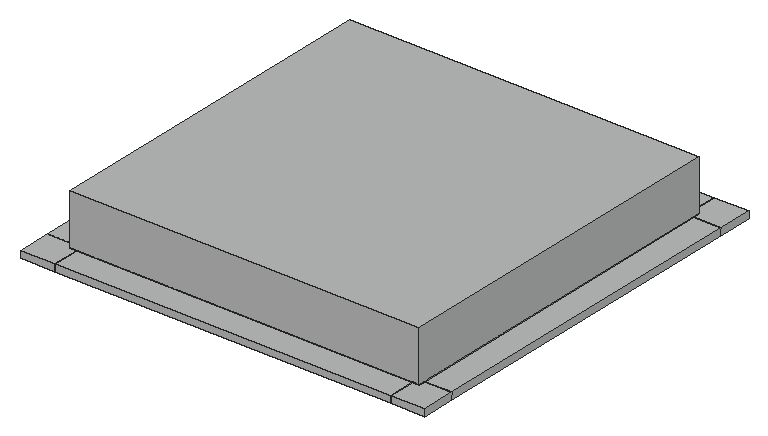
Revit family "ALUMOGIPS", category Осветительные приборы, Revit 2019 (continued)
Types (72, lengths in mm): name | Файл фотометрической сетки | built-in parameter 1150105 | Lumens | built-in parameter 1150106 | built-in parameter 1150142 | Wattage | Emit from Rectangle Width | Emit from Rectangle Length | Длина | Материал светильника | Ширина | ADSK_Ток | ADSK_Полная мощность | ADSK_Обозначение | ADSK_Номинальная мощность | ADSK_Наименование | ADSK_Масса | ADSK_Код изделия
  Alumogips-30/opal-sand 295х595 (IP54, 4000К, серый) c БАП на 3 часа | "Светильник ALUMOGIPS-30 OPAL-SAND-(295x595).IES" | 198.94 (stored number, unit not read) | 2500 lm | 1.9894 (stored number, unit not read) | "IESNA:LM-63-95\r\n[TEST] Протокол №80\r\n[DATA]26.06.2016\r\n[MORE] \r\n[MANUFAC] ЗАО \"Центрстройсвет\"\r\n[LUMCAT]  Светильник ALUMOGIPS-30/OPAL-SAND-(295x595)\r\n[LUMINAIRE]\r\n[LAMPCAT] Светодиоды\r\n[LAMP] Поток источника света (светодиодов) не известен\r\n[MORE] КСС приведена в абсолютных величинах кд\r\n[MORE] Вместо потока лампы, указан поток светильника.\r\nTILT=NONE\r\n1    2420 1.0 37 73 1 2 0.295 0.595 0.04\r\n1.0 1.0 28.9\r\n0.0 5.0 10.0 15.0 20.0 25.0 30.0 35.0 40.0 45.0 50.0 55.0 60.0 65.0 70.0 75.0 80.0 85.0 90.0 95.0 100.0 105.0 110.0 115.0 120.0 125.0 130.0 135.0 140.0 145.0 150.0 155.0 160.0 165.0 170.0 175.0 180.0\r\n0.0 5.0 10.0 15.0 20.0 25.0 30.0 35.0 40.0 45.0 50.0 55.0 60.0 65.0 70.0 75.0 80.0 85.0 90.0 95.0 100.0 105.0 110.0 115.0 120.0 125.0 130.0 135.0 140.0 145.0 150.0 155.0 160.0 165.0 170.0 175.0 180.0 185.0 190.0 195.0 200.0 205.0 210.0 215.0 220.0 225.0 230.0 235.0 240.0 245.0 250.0 255.0 260.0 265.0 270.0 275.0 280.0 285.0 290.0 295.0 300.0 305.0 310.0 315.0 320.0 325.0 330.0 335.0 340.0 345.0 350.0 355.0 360.0\r\n911.1 908.3 889.4 861.2 824.6 779.8 729.1 674.3 613.8 546.0 479.1 412.2 342.1 274.7 206.6 142.5 83.1 30.5 0.2 0.0 0.0 0.0 0.0 0.0 0.0 0.0 0.0 0.0 0.0 0.0 0.0 0.0 0.0 0.0 0.0 0.0 0.0\r\n911.1 908.3 890.4 862.2 826.0 781.2 730.0 673.5 610.8 545.9 478.1 412.0 343.0 274.6 207.5 142.8 83.4 31.1 0.3 0.0 0.0 0.0 0.0 0.0 0.0 0.0 0.0 0.0 0.0 0.0 0.0 0.0 0.0 0.0 0.0 0.0 0.0\r\n911.1 908.5 890.5 862.8 826.3 781.1 729.7 670.6 612.5 548.7 480.3 412.7 344.4 275.2 207.5 143.5 83.8 31.5 0.3 0.0 0.0 0.0 0.0 0.0 0.0 0.0 0.0 0.0 0.0 0.0 0.0 0.0 0.0 0.0 0.0 0.0 0.0\r\n911.1 909.2 889.7 860.5 825.1 782.3 731.0 672.5 613.1 547.3 478.2 411.8 342.9 275.2 208.3 143.7 83.9 31.8 0.3 0.0 0.0 0.0 0.0 0.0 0.0 0.0 0.0 0.0 0.0 0.0 0.0 0.0 0.0 0.0 0.0 0.0 0.0\r\n911.1 909.0 891.0 861.5 825.6 782.4 732.7 675.9 611.0 545.2 481.9 413.1 344.4 276.1 208.3 144.0 84.6 32.0 0.3 0.0 0.0 0.0 0.0 0.0 0.0 0.0 0.0 0.0 0.0 0.0 0.0 0.0 0.0 0.0 0.0 0.0 0.0\r\n911.1 908.9 890.1 863.3 826.9 783.2 729.2 673.9 611.8 547.8 480.9 414.1 343.8 275.8 208.6 144.4 85.0 32.4 0.3 0.0 0.0 0.0 0.0 0.0 0.0 0.0 0.0 0.0 0.0 0.0 0.0 0.0 0.0 0.0 0.0 0.0 0.0\r\n911.1 908.9 890.0 862.2 828.3 782.8 731.1 675.1 614.3 547.6 481.3 413.0 345.8 276.7 208.8 145.0 85.3 32.6 0.4 0.0 0.0 0.0 0.0 0.0 0.0 0.0 0.0 0.0 0.0 0.0 0.0 0.0 0.0 0.0 0.0 0.0 0.0\r\n911.1 908.5 891.5 865.2 825.7 780.8 732.5 674.6 615.0 551.3 482.1 414.1 345.1 277.4 208.6 145.5 85.5 33.2 0.5 0.0 0.0 0.0 0.0 0.0 0.0 0.0 0.0 0.0 0.0 0.0 0.0 0.0 0.0 0.0 0.0 0.0 0.0\r\n911.1 908.2 891.4 865.6 827.3 781.0 734.3 676.9 614.9 549.4 482.0 413.8 346.2 277.0 209.5 145.9 86.0 33.8 0.4 0.0 0.0 0.0 0.0 0.0 0.0 0.0 0.0 0.0 0.0 0.0 0.0 0.0 0.0 0.0 0.0 0.0 0.0\r\n911.1 908.7 891.0 864.3 829.6 784.0 732.9 673.2 614.9 550.2 484.5 414.8 346.4 277.8 210.5 146.4 87.2 33.9 0.6 0.0 0.0 0.0 0.0 0.0 0.0 0.0 0.0 0.0 0.0 0.0 0.0 0.0 0.0 0.0 0.0 0.0 0.0\r\n911.1 909.3 890.7 863.4 828.2 782.7 733.6 675.6 617.1 551.3 485.9 416.5 347.0 279.5 211.3 147.1 87.6 34.5 0.8 0.0 0.0 0.0 0.0 0.0 0.0 0.0 0.0 0.0 0.0 0.0 0.0 0.0 0.0 0.0 0.0 0.0 0.0\r\n911.1 908.7 892.5 864.0 829.2 784.2 733.3 676.9 615.6 551.9 484.7 416.9 348.3 279.6 211.6 148.3 88.1 35.0 0.9 0.0 0.0 0.0 0.0 0.0 0.0 0.0 0.0 0.0 0.0 0.0 0.0 0.0 0.0 0.0 0.0 0.0 0.0\r\n911.1 907.6 892.1 865.2 827.4 784.6 731.8 676.8 617.7 552.8 485.1 418.8 350.7 281.3 212.5 148.4 89.0 35.7 1.0 0.0 0.0 0.0 0.0 0.0 0.0 0.0 0.0 0.0 0.0 0.0 0.0 0.0 0.0 0.0 0.0 0.0 0.0\r\n911.1 907.1 892.1 864.5 830.2 788.3 733.6 677.4 617.3 552.0 487.9 420.8 349.8 281.3 213.4 149.2 89.9 36.2 1.3 0.0 0.0 0.0 0.0 0.0 0.0 0.0 0.0 0.0 0.0 0.0 0.0 0.0 0.0 0.0 0.0 0.0 0.0\r\n911.1 907.7 891.9 865.7 828.5 785.6 735.2 678.9 620.0 555.8 488.8 421.1 351.5 282.7 215.2 149.7 90.8 36.9 1.5 0.0 0.0 0.0 0.0 0.0 0.0 0.0 0.0 0.0 0.0 0.0 0.0 0.0 0.0 0.0 0.0 0.0 0.0\r\n911.1 907.8 891.0 864.8 830.1 786.1 738.7 679.4 616.5 556.6 490.6 420.2 352.4 284.5 215.4 151.3 91.1 37.6 1.5 0.0 0.0 0.0 0.0 0.0 0.0 0.0 0.0 0.0 0.0 0.0 0.0 0.0 0.0 0.0 0.0 0.0 0.0\r\n911.1 907.6 892.2 865.5 829.8 785.3 740.8 681.1 621.3 555.2 488.2 422.8 352.5 285.0 216.2 151.5 92.2 38.3 1.9 0.0 0.0 0.0 0.0 0.0 0.0 0.0 0.0 0.0 0.0 0.0 0.0 0.0 0.0 0.0 0.0 0.0 0.0\r\n911.1 907.4 892.1 866.1 829.8 787.6 737.3 681.4 621.4 556.0 491.1 422.7 354.9 284.7 217.1 152.4 93.0 39.4 2.0 0.0 0.0 0.0 0.0 0.0 0.0 0.0 0.0 0.0 0.0 0.0 0.0 0.0 0.0 0.0 0.0 0.0 0.0\r\n911.1 907.1 892.7 864.9 831.7 788.2 738.4 680.3 623.5 555.8 491.4 423.2 354.0 286.0 218.2 152.8 93.7 40.1 1.9 0.0 0.0 0.0 0.0 0.0 0.0 0.0 0.0 0.0 0.0 0.0 0.0 0.0 0.0 0.0 0.0 0.0 0.0\r\n911.1 907.4 892.3 867.6 830.6 789.2 737.9 683.1 622.5 558.1 492.5 424.4 355.9 287.7 219.1 154.3 94.7 40.4 2.5 0.0 0.0 0.0 0.0 0.0 0.0 0.0 0.0 0.0 0.0 0.0 0.0 0.0 0.0 0.0 0.0 0.0 0.0\r\n911.1 907.5 892.4 866.9 832.1 790.0 736.6 683.9 623.3 559.4 493.1 425.9 357.0 288.4 220.1 155.2 95.3 41.1 2.6 0.0 0.0 0.0 0.0 0.0 0.0 0.0 0.0 0.0 0.0 0.0 0.0 0.0 0.0 0.0 0.0 0.0 0.0\r\n911.1 906.9 893.0 866.2 832.9 789.5 740.6 686.4 622.6 558.9 494.6 425.2 357.7 289.6 220.8 156.1 95.8 41.9 2.6 0.0 0.0 0.0 0.0 0.0 0.0 0.0 0.0 0.0 0.0 0.0 0.0 0.0 0.0 0.0 0.0 0.0 0.0\r\n911.1 906.5 892.0 867.1 832.6 789.9 741.4 686.3 627.3 561.0 497.2 429.6 357.8 290.1 222.7 156.4 96.7 42.4 3.1 0.0 0.0 0.0 0.0 0.0 0.0 0.0 0.0 0.0 0.0 0.0 0.0 0.0 0.0 0.0 0.0 0.0 0.0\r\n911.1 906.8 892.3 868.3 834.8 789.8 739.1 686.9 625.0 562.3 496.2 428.6 359.5 290.7 222.5 158.0 97.5 42.6 3.4 0.0 0.0 0.0 0.0 0.0 0.0 0.0 0.0 0.0 0.0 0.0 0.0 0.0 0.0 0.0 0.0 0.0 0.0\r\n911.1 907.7 893.1 868.2 834.1 793.7 743.1 687.9 626.4 562.8 495.5 430.8 360.5 292.6 223.4 158.6 97.7 43.5 3.3 0.0 0.0 0.0 0.0 0.0 0.0 0.0 0.0 0.0 0.0 0.0 0.0 0.0 0.0 0.0 0.0 0.0 0.0\r\n911.1 908.2 893.8 868.2 835.6 793.6 743.3 688.3 626.0 564.5 498.1 431.2 361.0 293.4 224.3 158.9 98.6 44.0 3.5 0.0 0.0 0.0 0.0 0.0 0.0 0.0 0.0 0.0 0.0 0.0 0.0 0.0 0.0 0.0 0.0 0.0 0.0\r\n911.1 906.7 894.2 868.9 835.7 792.8 743.7 688.3 628.3 564.5 497.7 430.5 361.2 293.3 224.8 160.4 99.3 44.4 3.7 0.0 0.0 0.0 0.0 0.0 0.0 0.0 0.0 0.0 0.0 0.0 0.0 0.0 0.0 0.0 0.0 0.0 0.0\r\n911.1 906.5 894.7 867.9 834.7 795.0 744.2 689.6 630.1 566.4 499.6 431.8 363.0 294.1 225.6 160.8 100.0 45.1 3.6 0.0 0.0 0.0 0.0 0.0 0.0 0.0 0.0 0.0 0.0 0.0 0.0 0.0 0.0 0.0 0.0 0.0 0.0\r\n911.1 906.5 895.1 869.9 835.9 794.8 744.6 690.7 627.4 566.4 500.2 432.4 364.0 294.7 227.0 161.2 100.6 45.6 3.8 0.0 0.0 0.0 0.0 0.0 0.0 0.0 0.0 0.0 0.0 0.0 0.0 0.0 0.0 0.0 0.0 0.0 0.0\r\n911.1 906.1 895.4 869.1 835.9 794.7 746.0 689.6 630.7 566.6 499.6 432.7 363.1 295.7 227.9 161.9 100.9 46.3 4.0 0.0 0.0 0.0 0.0 0.0 0.0 0.0 0.0 0.0 0.0 0.0 0.0 0.0 0.0 0.0 0.0 0.0 0.0\r\n911.1 906.1 894.6 870.7 836.3 795.3 746.6 689.6 632.6 567.7 500.1 432.1 364.4 296.0 227.8 162.7 101.4 46.4 4.5 0.0 0.0 0.0 0.0 0.0 0.0 0.0 0.0 0.0 0.0 0.0 0.0 0.0 0.0 0.0 0.0 0.0 0.0\r\n911.1 906.3 895.6 868.8 835.5 793.2 745.3 690.7 630.8 568.5 500.6 433.3 364.7 295.8 227.5 162.6 101.3 46.8 4.6 0.0 0.0 0.0 0.0 0.0 0.0 0.0 0.0 0.0 0.0 0.0 0.0 0.0 0.0 0.0 0.0 0.0 0.0\r\n911.1 907.0 895.4 871.8 837.5 794.5 744.5 690.6 631.8 568.8 502.5 436.2 365.6 296.2 228.3 163.9 101.9 47.1 4.6 0.0 0.0 0.0 0.0 0.0 0.0 0.0 0.0 0.0 0.0 0.0 0.0 0.0 0.0 0.0 0.0 0.0 0.0\r\n911.1 907.6 895.4 871.8 839.2 796.0 747.1 690.6 629.6 567.5 501.4 434.5 365.7 297.2 228.8 163.4 102.4 47.5 4.6 0.0 0.0 0.0 0.0 0.0 0.0 0.0 0.0 0.0 0.0 0.0 0.0 0.0 0.0 0.0 0.0 0.0 0.0\r\n911.1 906.1 895.5 871.6 838.7 794.9 748.2 694.5 632.4 570.3 502.5 434.5 365.5 297.1 229.4 164.0 102.4 47.5 4.7 0.0 0.0 0.0 0.0 0.0 0.0 0.0 0.0 0.0 0.0 0.0 0.0 0.0 0.0 0.0 0.0 0.0 0.0\r\n911.1 904.8 895.9 869.8 836.7 797.2 747.1 691.9 633.4 569.5 503.4 435.1 366.2 298.1 229.3 163.6 102.3 47.2 4.3 0.0 0.0 0.0 0.0 0.0 0.0 0.0 0.0 0.0 0.0 0.0 0.0 0.0 0.0 0.0 0.0 0.0 0.0\r\n911.1 905.3 894.0 871.2 840.2 796.2 748.3 691.8 631.5 572.4 503.6 433.5 366.8 297.9 229.2 163.3 101.8 46.8 3.8 0.0 0.0 0.0 0.0 0.0 0.0 0.0 0.0 0.0 0.0 0.0 0.0 0.0 0.0 0.0 0.0 0.0 0.0\r\n911.1 906.0 894.9 870.9 837.1 795.0 745.7 693.0 630.8 569.0 503.7 436.4 366.4 297.7 229.8 163.4 101.8 46.5 3.4 0.0 0.0 0.0 0.0 0.0 0.0 0.0 0.0 0.0 0.0 0.0 0.0 0.0 0.0 0.0 0.0 0.0 0.0\r\n911.1 905.6 893.6 871.4 839.9 797.6 749.1 691.5 633.0 570.8 502.5 434.8 366.1 296.6 228.5 162.8 101.0 46.0 2.9 0.0 0.0 0.0 0.0 0.0 0.0 0.0 0.0 0.0 0.0 0.0 0.0 0.0 0.0 0.0 0.0 0.0 0.0\r\n911.1 905.5 894.6 871.9 838.0 794.6 747.0 692.0 634.0 569.3 502.9 435.5 366.8 296.4 228.8 163.2 101.1 46.1 2.8 0.0 0.0 0.0 0.0 0.0 0.0 0.0 0.0 0.0 0.0 0.0 0.0 0.0 0.0 0.0 0.0 0.0 0.0\r\n911.1 906.2 893.1 871.0 837.2 796.8 749.0 694.0 633.1 569.5 503.5 436.7 366.4 297.6 228.4 162.6 101.3 45.7 2.8 0.0 0.0 0.0 0.0 0.0 0.0 0.0 0.0 0.0 0.0 0.0 0.0 0.0 0.0 0.0 0.0 0.0 0.0\r\n911.1 905.4 893.6 869.9 837.0 796.8 747.6 692.4 634.5 568.4 503.4 433.2 365.8 296.2 227.1 162.3 100.7 45.6 2.7 0.0 0.0 0.0 0.0 0.0 0.0 0.0 0.0 0.0 0.0 0.0 0.0 0.0 0.0 0.0 0.0 0.0 0.0\r\n911.1 905.2 893.1 870.9 837.6 799.4 749.7 694.6 632.4 569.7 501.2 433.7 366.5 296.3 227.6 162.0 100.7 45.2 2.6 0.0 0.0 0.0 0.0 0.0 0.0 0.0 0.0 0.0 0.0 0.0 0.0 0.0 0.0 0.0 0.0 0.0 0.0\r\n911.1 905.6 892.8 867.9 836.3 795.3 747.6 693.8 632.3 568.8 503.5 433.9 364.4 295.4 227.4 162.1 100.2 45.0 2.6 0.0 0.0 0.0 0.0 0.0 0.0 0.0 0.0 0.0 0.0 0.0 0.0 0.0 0.0 0.0 0.0 0.0 0.0\r\n911.1 906.0 891.2 869.4 838.7 796.6 744.5 691.3 630.5 568.4 500.5 432.6 364.8 294.7 226.6 161.5 99.4 44.6 2.4 0.0 0.0 0.0 0.0 0.0 0.0 0.0 0.0 0.0 0.0 0.0 0.0 0.0 0.0 0.0 0.0 0.0 0.0\r\n911.1 906.3 892.3 868.8 836.4 794.7 746.4 690.6 628.4 567.4 501.0 433.5 364.4 294.7 226.3 161.5 99.1 44.1 2.3 0.0 0.0 0.0 0.0 0.0 0.0 0.0 0.0 0.0 0.0 0.0 0.0 0.0 0.0 0.0 0.0 0.0 0.0\r\n911.1 906.1 891.2 870.3 836.5 796.5 746.5 691.1 630.2 565.4 501.0 432.5 361.6 293.6 224.8 160.3 98.9 43.7 2.2 0.0 0.0 0.0 0.0 0.0 0.0 0.0 0.0 0.0 0.0 0.0 0.0 0.0 0.0 0.0 0.0 0.0 0.0\r\n911.1 906.7 892.3 869.5 834.4 794.2 744.3 688.5 631.3 567.2 500.0 431.6 362.1 292.6 224.4 159.4 98.3 43.1 2.1 0.0 0.0 0.0 0.0 0.0 0.0 0.0 0.0 0.0 0.0 0.0 0.0 0.0 0.0 0.0 0.0 0.0 0.0\r\n911.1 906.3 891.7 869.3 838.3 794.6 745.1 687.7 632.2 566.3 497.6 429.3 361.9 293.2 223.9 158.7 97.6 42.4 1.9 0.0 0.0 0.0 0.0 0.0 0.0 0.0 0.0 0.0 0.0 0.0 0.0 0.0 0.0 0.0 0.0 0.0 0.0\r\n911.1 906.6 891.2 870.7 835.8 791.7 742.2 688.7 628.2 564.3 497.8 429.8 361.0 291.5 223.5 157.7 97.3 42.0 1.8 0.0 0.0 0.0 0.0 0.0 0.0 0.0 0.0 0.0 0.0 0.0 0.0 0.0 0.0 0.0 0.0 0.0 0.0\r\n911.1 906.1 891.3 868.6 834.6 791.7 744.4 685.8 625.4 562.6 496.6 428.8 360.1 290.5 222.4 157.1 96.1 41.3 1.7 0.0 0.0 0.0 0.0 0.0 0.0 0.0 0.0 0.0 0.0 0.0 0.0 0.0 0.0 0.0 0.0 0.0 0.0\r\n911.1 905.2 892.6 868.1 835.0 791.5 742.2 686.7 625.4 563.1 497.3 427.9 358.4 290.7 221.2 155.8 95.6 40.8 1.5 0.0 0.0 0.0 0.0 0.0 0.0 0.0 0.0 0.0 0.0 0.0 0.0 0.0 0.0 0.0 0.0 0.0 0.0\r\n911.1 905.3 892.8 868.0 833.0 791.3 744.3 685.1 623.6 560.5 492.9 426.5 357.2 288.9 220.3 154.7 94.8 40.1 1.3 0.0 0.0 0.0 0.0 0.0 0.0 0.0 0.0 0.0 0.0 0.0 0.0 0.0 0.0 0.0 0.0 0.0 0.0\r\n911.1 906.6 890.8 868.3 833.0 790.4 741.1 685.4 624.1 560.7 492.9 424.1 356.4 288.9 219.7 154.0 93.5 39.4 1.2 0.0 0.0 0.0 0.0 0.0 0.0 0.0 0.0 0.0 0.0 0.0 0.0 0.0 0.0 0.0 0.0 0.0 0.0\r\n911.1 907.4 891.8 866.4 833.1 790.2 739.5 683.6 621.7 561.4 494.4 424.6 356.0 287.1 219.0 153.3 92.5 38.6 1.1 0.0 0.0 0.0 0.0 0.0 0.0 0.0 0.0 0.0 0.0 0.0 0.0 0.0 0.0 0.0 0.0 0.0 0.0\r\n911.1 907.0 891.7 867.9 832.2 788.0 736.3 683.3 623.7 556.4 492.1 424.3 353.3 286.6 217.1 152.4 91.9 37.8 0.8 0.0 0.0 0.0 0.0 0.0 0.0 0.0 0.0 0.0 0.0 0.0 0.0 0.0 0.0 0.0 0.0 0.0 0.0\r\n911.1 906.8 892.1 865.5 829.5 787.9 737.3 680.4 618.9 555.6 491.7 423.2 353.3 284.2 216.2 151.5 91.3 37.0 0.7 0.0 0.0 0.0 0.0 0.0 0.0 0.0 0.0 0.0 0.0 0.0 0.0 0.0 0.0 0.0 0.0 0.0 0.0\r\n911.1 906.0 890.4 864.7 830.5 788.2 737.8 682.0 618.5 554.8 489.2 421.0 352.5 282.8 214.0 149.9 90.1 36.6 0.6 0.0 0.0 0.0 0.0 0.0 0.0 0.0 0.0 0.0 0.0 0.0 0.0 0.0 0.0 0.0 0.0 0.0 0.0\r\n911.1 905.1 891.5 865.2 828.0 784.8 738.1 677.5 619.3 553.0 488.5 419.0 350.1 282.1 214.0 149.5 89.3 35.6 0.4 0.0 0.0 0.0 0.0 0.0 0.0 0.0 0.0 0.0 0.0 0.0 0.0 0.0 0.0 0.0 0.0 0.0 0.0\r\n911.1 906.0 891.6 863.4 826.4 784.8 735.2 679.4 616.1 553.3 487.5 418.1 349.5 281.2 213.4 148.4 88.5 34.8 0.3 0.0 0.0 0.0 0.0 0.0 0.0 0.0 0.0 0.0 0.0 0.0 0.0 0.0 0.0 0.0 0.0 0.0 0.0\r\n911.1 906.8 890.4 864.5 828.0 784.0 735.1 678.8 616.8 551.9 484.6 417.7 349.7 279.3 211.1 147.6 87.7 34.2 0.3 0.0 0.0 0.0 0.0 0.0 0.0 0.0 0.0 0.0 0.0 0.0 0.0 0.0 0.0 0.0 0.0 0.0 0.0\r\n911.1 907.5 888.8 862.0 826.9 780.2 732.3 675.0 614.9 551.2 485.3 416.4 346.6 278.8 211.6 146.2 86.7 33.6 0.2 0.0 0.0 0.0 0.0 0.0 0.0 0.0 0.0 0.0 0.0 0.0 0.0 0.0 0.0 0.0 0.0 0.0 0.0\r\n911.1 907.5 889.7 863.2 826.6 785.1 732.2 672.0 614.2 551.3 484.5 416.7 346.2 277.6 210.1 145.9 85.8 32.8 0.2 0.0 0.0 0.0 0.0 0.0 0.0 0.0 0.0 0.0 0.0 0.0 0.0 0.0 0.0 0.0 0.0 0.0 0.0\r\n911.1 907.3 890.1 863.9 825.1 780.0 730.7 678.4 612.1 549.9 481.9 414.5 344.9 276.9 209.3 145.1 85.2 32.3 0.1 0.0 0.0 0.0 0.0 0.0 0.0 0.0 0.0 0.0 0.0 0.0 0.0 0.0 0.0 0.0 0.0 0.0 0.0\r\n911.1 908.5 889.1 862.4 825.5 781.7 731.2 672.6 612.0 547.6 482.4 413.8 345.8 275.4 208.5 144.0 84.8 31.6 0.1 0.0 0.0 0.0 0.0 0.0 0.0 0.0 0.0 0.0 0.0 0.0 0.0 0.0 0.0 0.0 0.0 0.0 0.0\r\n911.1 908.0 889.3 861.7 824.9 780.9 731.0 672.8 611.9 545.5 481.0 411.8 343.3 274.8 207.7 143.4 84.0 31.2 0.1 0.0 0.0 0.0 0.0 0.0 0.0 0.0 0.0 0.0 0.0 0.0 0.0 0.0 0.0 0.0 0.0 0.0 0.0\r\n911.1 906.5 887.9 861.2 824.2 781.5 729.8 672.2 609.7 547.2 479.7 411.1 343.5 274.5 206.8 143.2 83.6 30.7 0.1 0.0 0.0 0.0 0.0 0.0 0.0 0.0 0.0 0.0 0.0 0.0 0.0 0.0 0.0 0.0 0.0 0.0 0.0\r\n911.1 906.8 888.0 859.9 826.4 781.3 727.9 671.1 610.9 546.9 478.6 411.5 342.5 274.4 207.1 142.8 83.0 30.3 0.1 0.0 0.0 0.0 0.0 0.0 0.0 0.0 0.0 0.0 0.0 0.0 0.0 0.0 0.0 0.0 0.0 0.0 0.0\r\n911.1 907.2 889.6 859.4 824.1 778.8 730.0 672.0 610.3 544.9 478.2 410.6 341.6 274.5 206.3 141.9 82.8 30.0 0.1 0.0 0.0 0.0 0.0 0.0 0.0 0.0 0.0 0.0 0.0 0.0 0.0 0.0 0.0 0.0 0.0 0.0 0.0\r\n911.1 908.0 888.9 861.7 823.7 778.6 726.6 673.0 609.3 546.3 478.0 409.7 341.7 273.2 206.1 141.7 82.2 29.9 0.0 0.0 0.0 0.0 0.0 0.0 0.0 0.0 0.0 0.0 0.0 0.0 0.0 0.0 0.0 0.0 0.0 0.0 0.0\r\n911.1 908.5 889.0 862.2 823.5 778.2 729.5 669.6 608.8 545.8 478.2 411.0 340.7 272.7 206.2 142.0 82.2 29.8 0.1 0.0 0.0 0.0 0.0 0.0 0.0 0.0 0.0 0.0 0.0 0.0 0.0 0.0 0.0 0.0 0.0 0.0 0.0\r\n911.1 908.3 889.7 863.3 826.0 781.1 728.4 671.9 608.5 545.7 478.5 410.8 342.7 273.4 205.7 141.8 82.4 30.1 0.2 0.0 0.0 0.0 0.0 0.0 0.0 0.0 0.0 0.0 0.0 0.0 0.0 0.0 0.0 0.0 0.0 0.0 0.0\r\n911.1 908.3 889.4 861.2 824.6 779.8 729.1 674.3 613.8 546.0 479.1 412.2 342.1 274.7 206.6 142.5 83.1 30.5 0.2 0.0 0.0 0.0 0.0 0.0 0.0 0.0 0.0 0.0 0.0 0.0 0.0 0.0 0.0 0.0 0.0 0.0 0.0\r\n" | 16.8303 W | 275 | 575 | 595 | RAL 9006 | 295 | 0.141777 A | 32.6087 VA | "Alumogips-30/opal-sand 295х595 (IP54, 4000К, серый)" | 30 W | "Встраиваемый светодиодный светильник Alumogips-30/opal-sand 295х595 (IP54, 4000К, серый) c БАП на 3 час" | 1.3 | "ЦБ000007781"
